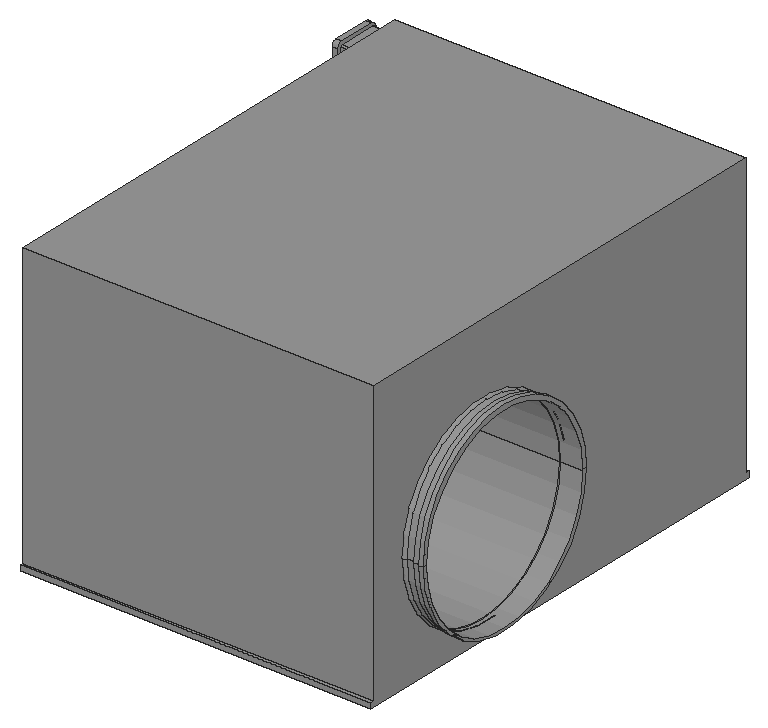
Revit family "IRB 355  D3 ErP AC_7890115", category Mechanical Equipment, Revit 2014
Parameters (values of type "IRB 355 D3 ErP AC")
  Wiring diagram = "Y 4040004 / Δ4040003"
  Width = 708 mm
  Weight = 46.70 kg
  Voltage range = "380-415 V"
  Voltage = 400 V
  Speed = "1340 rpm"
  Sound pressure level at 3 m = "52 dB(A)"
  Power = 397 W
  Phase = 3
  Max. temperature of transported air when speed controlled = 60 °C
  Max. temperature of transported air = 60 °C
  Main Material = Steel, Galvanized
  Height = 840 mm
  Frequency = 50 Hz
  Elevation [instance] = 2600 mm
  Diameter = 355 mm
  Description = "Insulated duct fans with circular connections"
  Depth = 513 mm
  Current = 0.8 A
  Capacitor = "- µF"
Reference planes
  plane 1 "Center (Front/Back)": y = 0
  plane 2: z = 0
  plane 3 "Center (Left/Right)": x = 0
  plane 4: z = 2600
Dimensions and locks
  "Elevation": plane 4 to plane 2
  aligned and locked: level to plane 2
  aligned and locked: plane 3 "Center (Left/Right)" to nested 1
  aligned and locked: plane 1 "Center (Front/Back)" to nested 1
  aligned and locked: nested 1 to nested 2  (x2)
  aligned and locked: nested 1 to plane 4
Nested families
  nested 1: "IRB" at (0, 0, 2600), type "IRB"
    with Height 840 mm
  nested 2: "Flow direction symbol" at (0, 0, 0), type "Flow direction symbol"
Connectors
  electrical at (-354, 368.5, 3061.5), driven by "Phase", driven by "Voltage", driven by "Power"
    settings: on nested 1, index 1, voltage 400 V, apparent load 0 VA, apparent load phase1 397 VA, apparent load phase2 0 VA, apparent load phase3 0 VA, power factor 1, load classification "Other", number of poles 3, system type 31, power factor state 1, is connector primary yes, connector utility no, sub classification motor no, connector description ""
  hvac at (-354, -174.65, 2811.368), driven by "Diameter"
    settings: on nested 1, index 2, duct flow 0.0 L/s, flow factor 0, pres drop 0.0 Pa, loss coef 0, conn angle 0.00°, conn width 304.8 mm, conn height 304.8 mm, conn diameter 355 mm, duct sys type 1, conn prof type 0, flow config 0, flow direction 1, loss method 0, conn ref index -1, conn util no, is conn primary yes, conn desc ""
  hvac at (354, -174.487, 2812), driven by "Diameter"
    settings: on nested 1, index 3, duct flow 0.0 L/s, flow factor 0, pres drop 0.0 Pa, loss coef 0, conn angle 0.00°, conn width 304.8 mm, conn height 304.8 mm, conn diameter 355 mm, duct sys type 3, conn prof type 0, flow config 0, flow direction 2, loss method 0, conn ref index -1, conn util no, is conn primary no, conn desc ""
Definition of nested family "IRB"
  Parameters (values of type "IRB")
    Width = 708 mm
    Main Material = Steel, Galvanized
    Height = 849 mm
    Description = ""
    Depth = 513 mm
  Reference planes
    plane 1 "Center (Front/Back)": y = 0
    plane 2: z = 0
    plane 3 "Center (Left/Right)": x = 0
    plane 4: z = 513
    plane 5 "Horizontal Pipe Axis": z = 262
    plane 6: z = 10
    plane 7: z = 503
    plane 8: x = -312.5
    plane 9: x = 312.5
    plane 10: x = -354
    plane 11: x = 354
    plane 12: y = 424.5
    plane 13: y = -424.5
    plane 14: y = 414.5
    plane 15: x = -344
  Forms (mm)
    Extrusion 1, solid, material "Steel, Galvanized" <- "Main Material", detail levels medium+fine
      sketch origin (0, 0, 0) x (0, 1, 0) y (0, 0, 1)
        loop
          line (-424.5, 0) -> (424.5, 0) -> (424.5, 10) -> (419.5, 10) -> (419.5, 11) -> (419.5, 513) -> (-419.5, 513) -> (-419.5, 10) -> (-424.5, 10) -> (-424.5, 0)
      from -312.5 to 312.5
    Extrusion 2, void
      sketch origin (0, 34.5, -10.499) x (0, 1, 0) y (0, 0, 1)
        loop
          circle (-208.975, 220.604) r 175
      from -809.837 to 500.936
    Extrusion 3, solid, material "Steel, Galvanized" <- "Main Material", detail levels coarse
      sketch origin (0, 35, -5) x (0, 1, 0) y (0, 0, -1)
        loop
          circle (-208.916, -215.66) r 176
      from 312.5 to 354
    Revolve 4, solid, material "Steel, Galvanized" <- "Main Material", detail levels medium+fine
      sketch origin (0, 34.5, 212) x (-1, 0, 0) y (0, -1, 0)
        loop
          line (354, 28) -> (354, 209.5) -> (312.5, 209.5) -> (312.5, 32)
          arc (312.5, 32) -> (316.75, 30) -> (321, 32) r 5.516
          line (321, 32) -> (336, 32) -> (336, 30) -> (346, 30) -> (346, 28) -> (354, 28)
        axis (312.5, 209.5) -> (354, 209.5)
      angle from 0 to 360
    Extrusion 5, solid, material "Steel, Galvanized" <- "Main Material", detail levels coarse
      sketch origin (0, 0, 0) x (0, 1, 0) y (0, 0, 1)
        loop
          line (424.5, 513) -> (-424.5, 513) -> (-424.5, 0) -> (424.5, 0) -> (424.5, 513)
      from -312.5 to 312.5
    Sweep 6, solid, material "Plastic, Opaque White", detail levels fine
      path origin (0, 0, 0) x (1, 0, 0) y (0, 1, 0)
        loop
          line (-344, 414.5) -> (-354, 414.5)
      profile origin (-349, 414.5, 0) x (0, -1, 0) y (0, 0, 1)
        loop
          arc (8.073, 503) -> (2.365, 500.635) -> (0, 494.927) r 8.073
          line (0, 494.927) -> (0, 428.073)
          arc (0, 428.073) -> (2.365, 422.365) -> (8.073, 420) r 8.073
          line (8.073, 420) -> (74.927, 420)
          arc (74.927, 420) -> (80.635, 422.365) -> (83, 428.073) r 8.073
          line (83, 428.073) -> (83, 494.927)
          arc (83, 494.927) -> (80.635, 500.635) -> (74.927, 503) r 8.073
          line (74.927, 503) -> (8.073, 503)
    Sweep 7, solid, material "Plastic, Opaque White", detail levels fine
      path origin (0, 0, 0) x (1, 0, 0) y (0, 1, 0)
        loop
          line (-344, 373) -> (-312.5, 373)
      profile origin (-328.25, 373, 0) x (0, 1, 0) y (0, 0, 1)
        loop
          line (33.427, 498) -> (-33.427, 498)
          arc (-33.427, 498) -> (-35.6, 497.1) -> (-36.5, 494.927) r 3.073
          line (-36.5, 494.927) -> (-36.5, 428.073)
          arc (-36.5, 428.073) -> (-35.6, 425.9) -> (-33.427, 425) r 3.073
          line (-33.427, 425) -> (33.427, 425)
          arc (33.427, 425) -> (35.6, 425.9) -> (36.5, 428.073) r 3.073
          line (36.5, 428.073) -> (36.5, 494.927)
          arc (36.5, 494.927) -> (35.6, 497.1) -> (33.427, 498) r 3.073
    Revolve 8, solid, material "Steel, Galvanized" <- "Main Material", detail levels medium+fine
      sketch origin (0, 0, 212) x (1, 0, 0) y (0, 1, 0)
        loop
          line (354, 6.5) -> (346, 6.5) -> (346, 4.5) -> (336, 4.5) -> (336, 2.5) -> (321, 2.5)
          arc (321, 2.5) -> (316.75, 4.5) -> (312.5, 2.5) r 5.516
          line (312.5, 2.5) -> (312.5, -174.5) -> (354, -174.5) -> (354, 6.5)
        axis (312.5, -174.5) -> (354, -174.5)
      angle from 0 to 360
    Extrusion 9, solid, material "Steel, Galvanized" <- "Main Material", detail levels coarse
      sketch origin (0, 35, 0) x (0, 1, 0) y (0, 0, 1)
        loop
          circle (-209.5, 262) r 176
      from 312.5 to 354
  Cuts and joins
    Extrusion 2 cuts Extrusion 1
    joined: Sweep 6, Sweep 7
    Extrusion 2 cuts Revolve 4
    Extrusion 2 cuts Revolve 8
  Dimensions and locks
    equal spacing: plane 10, plane 3 "Center (Left/Right)", plane 11
    "Width": plane 10 to plane 11
    "Depth": plane 4 to level
    locked: plane 12 to plane 14 at 10
    locked: plane 4 to plane 7 at 10
    locked: plane 10 to plane 15 at 10
    locked: plane 10 to plane 8 at 41.5
    locked: plane 9 to plane 11 at 41.5
    locked: Sweep 7 sketch curve to plane 7 at 5
    locked: plane 14 to Sweep 7 sketch curve at 5
    plane 4 to plane 5 "Horizontal Pipe Axis" = 251 mm
    equal spacing: plane 12, plane 1 "Center (Front/Back)", plane 13
    "Height": plane 12 to plane 13
    aligned and locked: level to plane 2
    aligned and locked: Extrusion 1 sketch curve to plane 13
    aligned and locked: plane 2 to Extrusion 1 sketch curve
    aligned and locked: Extrusion 1 sketch curve to plane 12
    aligned and locked: Extrusion 1 to plane 9
    aligned and locked: Extrusion 1 to plane 8
    aligned and locked: Extrusion 3 to plane 10
    aligned and locked: plane 8 to Extrusion 3
    aligned and locked: Extrusion 3 to plane 8
    aligned and locked: plane 4 to Extrusion 5 sketch curve
    aligned and locked: plane 12 to Extrusion 5 sketch curve
    aligned and locked: Extrusion 5 sketch curve to cut or joined group of Extrusion 1, Extrusion 2  (x2)
    aligned and locked: Extrusion 5 to plane 8
    aligned and locked: Extrusion 5 to plane 9
    aligned and locked: plane 10 to Sweep 6 sketch curve
    aligned and locked: plane 15 to Sweep 6 sketch curve
    aligned and locked: Sweep 6 sketch curve to plane 7
    aligned and locked: Sweep 6 sketch curve to plane 14
    aligned and locked: plane 8 to Sweep 7 sketch curve
    aligned and locked: plane 15 to Sweep 7 sketch curve
    aligned and locked: Revolve 4 sketch curve to plane 10
    aligned and locked: cut or joined group of Extrusion 2, Revolve 4 to plane 10
    aligned and locked: cut or joined group of Extrusion 2, Revolve 4 to plane 8
  Automatic sketch dimensions
    Extrusion 1 sketch curve to plane 4 = 0 mm
    Extrusion 1 sketch curve to plane 6 = 0 mm  (x2)
    Extrusion 1 sketch curve to plane 13 = 5 mm
    Extrusion 1 sketch curve to plane 12 = 5 mm
    Extrusion 1 sketch curve to Extrusion 1 sketch curve = 1 mm
    Extrusion 2 sketch curve to plane 5 "Horizontal Pipe Axis" = 51.895 mm
    plane 1 "Center (Front/Back)" to Extrusion 2 sketch curve = 174.475 mm
    Extrusion 3 sketch curve to plane 5 "Horizontal Pipe Axis" = 51.34 mm
    plane 1 "Center (Front/Back)" to Extrusion 3 sketch curve = 173.916 mm
    Revolve 4 sketch curve to plane 8 = 0 mm  (x2)
    plane 1 "Center (Front/Back)" to Revolve 4 sketch curve = 1.015 mm
    Revolve 4 sketch curve to plane 8 = 4.25 mm
    Revolve 4 sketch curve to plane 1 "Center (Front/Back)" = 2.5 mm
    Revolve 4 sketch curve to Revolve 4 sketch curve = 4.25 mm
    plane 15 to Revolve 4 sketch curve = 8 mm
    Revolve 4 sketch curve to plane 15 = 2 mm
    Revolve 4 sketch curve to plane 1 "Center (Front/Back)" = 4.5 mm
    Revolve 4 sketch curve to plane 1 "Center (Front/Back)" = 6.5 mm
    Revolve 4 sketch curve to Revolve 4 sketch curve = 173.985 mm
    Revolve 4 sketch curve to Revolve 4 sketch curve = 93.5 mm
    Revolve 4 sketch curve to Revolve 4 sketch curve = 0 mm
    Sweep 6 sketch curve to plane 14 = 0 mm
    Sweep 6 sketch curve to profile plane = 8.073 mm
    Sweep 6 sketch curve to Sweep 6 sketch curve = 8.073 mm  (x2)
    Sweep 6 sketch curve to Sweep 6 sketch curve = 66.854 mm  (x3)
    Sweep 7 sketch curve to plane 14 = 41.5 mm
    Sweep 7 sketch curve to Sweep 7 sketch curve = 3.073 mm  (x3)
    profile plane to Sweep 7 sketch curve = 33.427 mm  (x2)
    Sweep 7 sketch curve to Sweep 7 sketch curve = 66.854 mm
    Revolve 8 sketch curve to plane 9 = 0 mm  (x2)
    Revolve 8 sketch curve to plane 11 = 0 mm
    plane 1 "Center (Front/Back)" to Revolve 8 sketch curve = 1.015 mm
    Revolve 8 sketch curve to plane 9 = 4.25 mm
    Revolve 8 sketch curve to plane 1 "Center (Front/Back)" = 2.5 mm
    Revolve 8 sketch curve to Revolve 8 sketch curve = 4.25 mm
    Revolve 8 sketch curve to Revolve 8 sketch curve = 15 mm
    plane 11 to Revolve 8 sketch curve = 8 mm
    plane 1 "Center (Front/Back)" to Revolve 8 sketch curve = 174.5 mm
    Revolve 8 sketch curve to Revolve 8 sketch curve = 2 mm  (x2)
    Revolve 8 sketch curve to Revolve 8 sketch curve = 93.5 mm
    Revolve 8 sketch curve to Revolve 8 sketch curve = 0 mm
    Extrusion 9 sketch curve to plane 5 "Horizontal Pipe Axis" = 0 mm
    plane 1 "Center (Front/Back)" to Extrusion 9 sketch curve = 174.5 mm
    radius of Extrusion 2 sketch curve = 175 mm
    radius of Extrusion 3 sketch curve = 176 mm
    radius of Extrusion 9 sketch curve = 176 mm
Definition of nested family "Flow direction symbol"
  Parameters (values of type "Flow direction symbol")
    Warning = "!"
    Text = "DIMENSIONS OVERCONSTRAINT"
  Reference planes
    plane 1: y = 0
    plane 2: x = 0
  Lines and regions (mm)
    detail lines
      curve 1: line (-0.506, 0.877, 0) -> (-0.506, -0.877, 0)
      curve 2: line (1.012, 0, 0) -> (-0.506, -0.877, 0)
      curve 3: line (-0.506, 0.877, 0) -> (1.012, 0, 0)
      curve 4: circle (0, 0, 0) r 1 normal (0, 0, 1)
